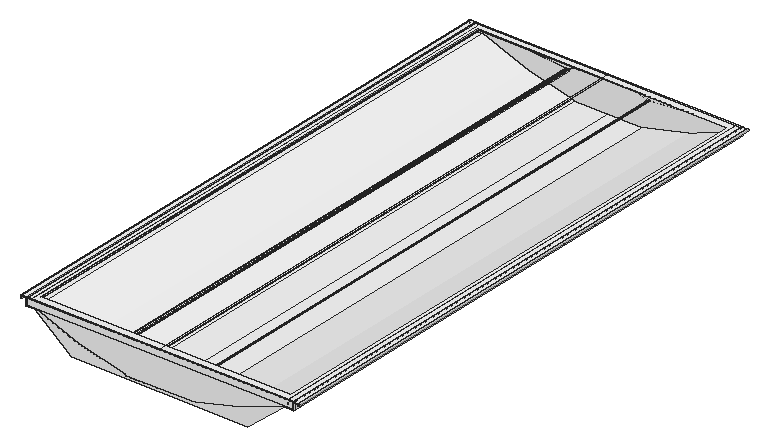
Revit family "Lighting-Troffer-Cooper-Corelite-Class-E3-LED", category Lighting Fixtures, host Face, Revit 2014
Parameters
  Wattage = 9.2903 W
  built-in parameter 1150110 = 1 (stored number, unit not read)
  Voltage = if([120 Volt], 120 V, if([277 Volt], 277 V, 120 V))  # 120 V
  URL = "www.eaton.com/lighting"
  Type Comments = "2 X 2 and 2 X 4"  # constant formula
  built-in parameter 1114217 = 1 (stored number, unit not read)
  Tilt Angle = 90.00°  # constant formula
  built-in parameter 1150109 = 1 (stored number, unit not read)
  built-in parameter 1150134 = 3
  built-in parameter 1150113 = 1 (stored number, unit not read)
  Product Page URL = "http://www.cooperindustries.com/content/public/en/lighting/products/recessed_linear_lighting/direct_indirect/_867727.ssd.html"
  Power Factor = 1
  Photometric Web File = "Select File"
  built-in parameter 1150142 = (empty or 0)
  Model = "Class E3 LED"  # constant formula
  Manufacturer = "Cooper Lighting"  # constant formula
  built-in parameter 1150105 = 109.82 (stored number, unit not read)
  Lumens = 1380 lm
  built-in parameter 1150115 = 1 (stored number, unit not read)
  built-in parameter 1150137 = (empty or 0)
  built-in parameter 1150139 = (empty or 0)
  built-in parameter 1150112 = 1 (stored number, unit not read)
  built-in parameter 1150114 = 1 (stored number, unit not read)
  Lamp = "LED"  # constant formula
  Installation Type = "Recessed"  # constant formula
  built-in parameter 1150132 = (empty or 0)
  built-in parameter 1150102 = (empty or 0)
  built-in parameter 1150107 = 3200 (stored number, unit not read)
  built-in parameter 1150138 = (empty or 0)
  built-in parameter 1150106 = 1.0982 (stored number, unit not read)
  Frequency = 50 Hz
  Fixture Width = 1' - 11 3/4"  # constant formula
  Fixture Length = 3' - 11 3/4"
  Fixture Height = 0' - 3 1/4"  # constant formula
  Emit from Rectangle Width = 1' - 9 3/4"  # constant formula
  Emit from Rectangle Length = Fixture Length - 0' 1"  # 3' - 10 3/4"
  Emit Shape Visible in Rendering = no
  built-in parameter 1150104 = 13.8 (stored number, unit not read)
  Dimming Lamp Color Temperature Shift = <None>
  Description = "Frosted Prismatic Lens"  # constant formula
  Default Elevation = 0' - 0"  # constant formula
  Connector Description = "Power In"  # constant formula
  Color Filter = 16777215
  built-in parameter 1114218 = 1 (stored number, unit not read)
  built-in parameter 1150133 = 10 (stored number, unit not read)
  Assembly Code = "D5020200"
  Apparent Load = 0 VA
  277 Volt = no
  120 Volt = yes
Reference planes (in)
  plane 1 "Center (Front/Back)": y = 0
  plane 2: z = 0
  plane 3 "Center (Left/Right)": x = 0
  plane 4: y = 23.875
  plane 5: y = -23.875
  plane 6: z = -3.25
  plane 7: x = 11.875
  plane 8: x = -11.875
  plane 9: y = 23.8125
  plane 10: y = -23.8125
  plane 11: x = 11.40133
  plane 12: z = -0.65429
  plane 13: through (10.3423, 0, -0.92685) normal (-0.6364, 0, 0.7714)
  plane 14: through (-9.75723, 0, -1.40954) normal (-0.6364, 0, -0.7714)
  plane 15: z = -0.65429
  plane 16: x = -11.40133
  plane 17: z = -3
  plane 18: x = 10.94264
  plane 19: x = 10.88014
  plane 20: x = -10.88014
  plane 21: x = -10.94264
  plane 22: x = 11.31159
  plane 23: x = -11.31159
  plane 24: z = -0.55888
  plane 25: z = -0.04051
  plane 26: x = 10.66162
  plane 27: x = -10.66162
  plane 28: z = -0.59179
  plane 29: x = -11.33883
  plane 30: z = -0.0625
  plane 31: z = -0.0625
  plane 32: x = 11.28034
  plane 33: x = 11.33883
  plane 34: z = -0.59179
  plane 35: through (2.90094, 0, -3) normal (0.7071, 0, -0.7071)
  plane 36: through (-2.90094, 0, -3) normal (0.7071, 0, 0.7071)
  plane 37: through (-7.92442, -180, -2.92165) normal (-0.6364, 0, -0.7714)
  plane 38: through (7.9218, -180, -2.92381) normal (-0.6364, 0, 0.7714)
  plane 39: z = -1
Forms (in)
  Extrusion 1, solid, material "Metal - Cooper Industries - Steel - White"
    sketch origin (0, 0, 96.01505) x (-1, 0, 0) y (0, 0, -1)
      loop
        arc (-11.80285, 96.20249) -> (-11.82784, 96.19235) -> (-11.84993, 96.17687) r 0.11935
        arc (-11.84993, 96.17687) -> (-11.875, 96.10903) -> (-11.84993, 96.04119) r 0.10431
        arc (-11.84993, 96.04119) -> (-11.81455, 96.02177) -> (-11.77476, 96.01505) r 0.12115
        line (-11.77476, 96.01505) -> (-11.33883, 96.01505) -> (-11.33883, 96.60684) -> (-10.65031, 96.60684)
        arc (-10.65031, 96.60684) -> (-6.8756, 98.00559) -> (-2.96311, 98.95289) r 34.33183
        line (-2.96311, 98.95289) -> (-2.90094, 99.01505) -> (0, 99.01505) -> (2.90094, 99.01505) -> (2.96311, 98.95289)
        arc (2.96311, 98.95289) -> (6.8756, 98.00559) -> (10.65031, 96.60684) r 34.33183
        line (10.65031, 96.60684) -> (11.33883, 96.60684) -> (11.33883, 96.01505) -> (11.77476, 96.01505)
        arc (11.77476, 96.01505) -> (11.81455, 96.02177) -> (11.84993, 96.04119) r 0.12115
        arc (11.84993, 96.04119) -> (11.875, 96.10903) -> (11.84993, 96.17687) r 0.10431
        arc (11.84993, 96.17687) -> (11.82784, 96.19235) -> (11.80285, 96.20249) r 0.11935
        arc (11.80285, 96.20249) -> (11.7683, 96.18275) -> (11.78688, 96.14758) r 0.02861
        arc (11.78688, 96.14758) -> (11.8106, 96.12147) -> (11.80592, 96.08651) r 0.04181
        arc (11.80592, 96.08651) -> (11.79097, 96.07984) -> (11.77476, 96.07755) r 0.05865
        line (11.77476, 96.07755) -> (11.40133, 96.07755) -> (11.40133, 96.66934) -> (10.67267, 96.66934) -> (7.52643, 99.26505) -> (-7.52643, 99.26505) -> (-10.67267, 96.66934) -> (-11.40133, 96.66934) -> (-11.40133, 96.07755) -> (-11.77476, 96.07755)
        arc (-11.77476, 96.07755) -> (-11.79097, 96.07984) -> (-11.80592, 96.08651) r 0.05865
        arc (-11.80592, 96.08651) -> (-11.8106, 96.12147) -> (-11.78688, 96.14758) r 0.04181
        arc (-11.78688, 96.14758) -> (-11.7683, 96.18275) -> (-11.80285, 96.20249) r 0.02861
    from -23.875 to 23.875
  Extrusion 2, solid, material "Metal - Cooper Industries - Steel - White"
    sketch origin (0, 0, 96.01505) x (-1, 0, 0) y (0, 0, -1)
      loop
        line (-7.52643, 99.26505) -> (-10.67267, 96.66934) -> (-11.40133, 96.66934) -> (-11.40133, 96.02431) -> (11.40133, 96.02431) -> (11.40133, 96.66934) -> (10.67267, 96.66934) -> (7.52643, 99.26505) -> (0, 99.26505) -> (-7.52643, 99.26505)
    from 23.8125 to 23.875
  Extrusion 3, solid, material "Metal - Cooper Industries - Steel - White"
    sketch origin (0, 0, 96.01505) x (-1, 0, 0) y (0, 0, 1)
      loop
        line (-7.52643, -99.26505) -> (0, -99.26505) -> (7.52643, -99.26505) -> (10.67267, -96.66934) -> (11.40133, -96.66934) -> (11.40133, -96.02431) -> (-11.40133, -96.02431) -> (-11.40133, -96.66934) -> (-10.67267, -96.66934) -> (-7.52643, -99.26505)
    from 23.8125 to 23.875
  Sweep 4, solid, material "Metal - Cooper Industries - Steel - White"
    path origin (0, -0.00091, 96.01505) x (0, 1, 0) y (-1, 0, 0)
      loop
        line (23.79089, -11.22656) -> (23.79089, 11.22656) -> (-23.78906, 11.22656) -> (-23.78906, -11.22656) -> (23.79089, -11.22656)
    profile origin (11.22656, 0, 96.01505) x (1, 0, 0) y (0, 0, 1)
      loop
        line (0.05377, -96.57394) -> (0.08502, -96.57394) -> (0.08502, -96.02431) -> (-0.56494, -96.02431) -> (-0.56494, -96.05556) -> (0.05377, -96.05556) -> (0.05377, -96.57394)
  Extrusion 5, void, detail levels coarse+fine
    sketch origin (0, -23.8125, 96.01505) x (1, 0, 0) y (0, 0, -1)
      loop
        line (11.875, 95.53055) -> (11.875, 99.26505) -> (-11.875, 99.26505) -> (-11.875, 95.53055) -> (11.875, 95.53055)
    from -0.0625 to 47.6875
  Extrusion 6, solid, material "Acrylic - Cooper Industries - Frosted"
    sketch origin (0, -11.01583, 96.01505) x (-1, 0, 0) y (0, 0, -1)
      loop
        arc (10.94264, 96.46275) -> (10.91139, 96.494) -> (10.88014, 96.46275) r 0.03125
        line (10.88014, 96.46275) -> (10.88014, 96.15264)
        arc (10.88014, 96.15264) -> (7.21368, 96.62128) -> (3.52034, 96.76889) r 42.40966
        arc (3.52034, 96.76889) -> (3.50001, 96.87437) -> (3.41333, 96.93783) r 0.14695
        arc (3.41333, 96.93783) -> (3.34679, 96.94142) -> (3.28673, 96.91256) r 0.13415
        arc (3.28673, 96.91256) -> (3.29022, 96.87467) -> (3.32695, 96.86471) r 0.03335
        arc (3.32695, 96.86471) -> (3.35973, 96.88027) -> (3.39594, 96.87776) r 0.07165
        arc (3.39594, 96.87776) -> (3.42775, 96.86237) -> (3.45047, 96.83531) r 0.08445
        arc (3.45047, 96.83531) -> (3.45295, 96.8123) -> (3.43863, 96.79412) r 0.03062
        arc (3.43863, 96.79412) -> (1.74939, 96.30895) -> (0, 96.14005) r 9.59446
        arc (0, 96.14005) -> (-1.74939, 96.30895) -> (-3.43863, 96.79412) r 9.59446
        arc (-3.43863, 96.79412) -> (-3.45295, 96.8123) -> (-3.45047, 96.83531) r 0.03062
        arc (-3.45047, 96.83531) -> (-3.42775, 96.86237) -> (-3.39594, 96.87776) r 0.08445
        arc (-3.39594, 96.87776) -> (-3.35973, 96.88027) -> (-3.32695, 96.86471) r 0.07165
        arc (-3.32695, 96.86471) -> (-3.29022, 96.87467) -> (-3.28673, 96.91256) r 0.03335
        arc (-3.28673, 96.91256) -> (-3.34679, 96.94142) -> (-3.41333, 96.93783) r 0.13415
        arc (-3.41333, 96.93783) -> (-3.50001, 96.87437) -> (-3.52034, 96.76889) r 0.14695
        arc (-3.52034, 96.76889) -> (-7.21368, 96.62128) -> (-10.88014, 96.15264) r 42.40966
        line (-10.88014, 96.15264) -> (-10.88014, 96.46275)
        arc (-10.88014, 96.46275) -> (-10.91139, 96.494) -> (-10.94264, 96.46275) r 0.03125
        line (-10.94264, 96.46275) -> (-10.94264, 96.08922)
        arc (-10.94264, 96.08922) -> (-10.91139, 96.05797) -> (-10.88014, 96.08922) r 0.03125
        arc (-10.88014, 96.08922) -> (-7.23209, 96.55701) -> (-3.55721, 96.7065) r 42.34716
        arc (-3.55721, 96.7065) -> (-1.81112, 96.19353) -> (0, 96.01505) r 9.71946
        arc (0, 96.01505) -> (1.81112, 96.19353) -> (3.55721, 96.7065) r 9.71946
        arc (3.55721, 96.7065) -> (7.23209, 96.55701) -> (10.88014, 96.08922) r 42.34716
        arc (10.88014, 96.08922) -> (10.91139, 96.05797) -> (10.94264, 96.08922) r 0.03125
        line (10.94264, 96.08922) -> (10.94264, 96.46275)
    from -34.82833 to 12.79667
Lines and regions (in)
  Masking region 1
    outline origin (0, 0, 0) x (1, 0, 0) y (0, 1, 0)
      loop
        line (-11.875, 23.875) -> (-11.875, -23.875) -> (11.875, -23.875) -> (11.875, 23.875) -> (-11.875, 23.875)
  symbolic lines, style "LightingFixturesHiddenLines"
    curve 1: line (0, 23.875, 0) -> (0, -23.875, 0)
    curve 2: line (0, 23.875, -3.25) -> (0, 23.875, 0)
    curve 3: line (0, -23.875, -3.25) -> (0, 23.875, -3.25)
    curve 4: line (0, -23.875, 0) -> (0, -23.875, -3.25)
    curve 5: line (-10.67267, 0, -0.65429) -> (-7.52643, 0, -3.25)
    curve 6: line (-7.52643, 0, -3.25) -> (0, 0, -3.25)
    curve 7: line (0, 0, -3.25) -> (7.52643, 0, -3.25)
    curve 8: line (7.52643, 0, -3.25) -> (10.67267, 0, -0.65429)
    curve 9: line (11.40133, 0, -0.65429) -> (11.40133, 0, -0.00926)
    curve 10: line (11.875, 0, -0.00926) -> (-11.875, 0, -0.00926)
    curve 11: line (-11.40133, 0, -0.00926) -> (-11.40133, 0, -0.65429)
    curve 12: line (-11.40133, 0, -0.65429) -> (11.40133, 0, -0.65429)
  reference lines
    curve 13: arc (-2.96311, 0, -2.93783) -> (-6.8756, 0, -1.99054) -> (-10.65031, 0, -0.59179) r 34.33183
    curve 14: arc (10.65031, 0, -0.59179) -> (6.8756, 0, -1.99054) -> (2.96311, 0, -2.93783) r 34.33183
    curve 15: arc (-3.43863, 0, -0.77907) -> (-1.74939, 0, -0.2939) -> (0, 0, -0.125) r 9.59446
    curve 16: arc (0, 0, -0.125) -> (1.74939, 0, -0.2939) -> (3.43863, 0, -0.77907) r 9.59446
    curve 17: arc (3.55721, 0, -0.69145) -> (1.81112, 0, -0.17848) -> (0, 0, 0) r 9.71946
    curve 18: arc (0, 0, 0) -> (-1.81112, 0, -0.17848) -> (-3.55721, 0, -0.69145) r 9.71946
    curve 19: arc (-3.52034, 0, -0.75383) -> (-3.50001, 0, -0.85932) -> (-3.41333, 0, -0.92277) r 0.14695
    curve 20: arc (-3.39594, 0, -0.86271) -> (-3.42775, 0, -0.84732) -> (-3.45047, 0, -0.82026) r 0.08445
    curve 21: arc (-3.28673, 0, -0.89751) -> (-3.29022, 0, -0.85962) -> (-3.32695, 0, -0.84966) r 0.03335
    curve 22: arc (3.32695, 0, -0.84966) -> (3.29022, 0, -0.85962) -> (3.28673, 0, -0.89751) r 0.03335
    curve 23: arc (3.45047, 0, -0.82026) -> (3.42775, 0, -0.84732) -> (3.39594, 0, -0.86271) r 0.08445
    curve 24: arc (3.41333, 0, -0.92277) -> (3.50001, 0, -0.85932) -> (3.52034, 0, -0.75383) r 0.14695
    curve 25: arc (3.52034, 0, -0.75383) -> (7.21368, 0, -0.60623) -> (10.88014, 0, -0.13759) r 42.40966
    curve 26: arc (10.88014, 0, -0.07417) -> (7.23209, 0, -0.54196) -> (3.55721, 0, -0.69145) r 42.34716
    curve 27: arc (-3.55721, 0, -0.69145) -> (-7.23209, 0, -0.54196) -> (-10.88014, 0, -0.07417) r 42.34716
    curve 28: arc (-10.88014, 0, -0.13759) -> (-7.21368, 0, -0.60623) -> (-3.52034, 0, -0.75383) r 42.40966
    curve 29: arc (11.78688, 0, -0.13252) -> (11.7683, 0, -0.1677) -> (11.80285, 0, -0.18744) r 0.02861
    curve 30: arc (11.84993, 0, -0.16181) -> (11.875, 0, -0.09398) -> (11.84993, 0, -0.02614) r 0.10431
    curve 31: arc (11.80592, 0, -0.07146) -> (11.8106, 0, -0.10642) -> (11.78688, 0, -0.13252) r 0.04181
    curve 32: arc (10.88014, 0, -0.4477) -> (10.91139, 0, -0.47895) -> (10.94264, 0, -0.4477) r 0.03125
    curve 33: arc (10.94264, 0, -0.07417) -> (10.91139, 0, -0.04292) -> (10.88014, 0, -0.07417) r 0.03125
    curve 34: arc (-11.80285, 0, -0.18744) -> (-11.7683, 0, -0.1677) -> (-11.78688, 0, -0.13252) r 0.02861
    curve 35: arc (-11.84993, 0, -0.02614) -> (-11.875, 0, -0.09398) -> (-11.84993, 0, -0.16181) r 0.10431
    curve 36: arc (-11.78688, 0, -0.13252) -> (-11.8106, 0, -0.10642) -> (-11.80592, 0, -0.07146) r 0.04181
    curve 37: arc (-10.88014, 0, -0.07417) -> (-10.91139, 0, -0.04292) -> (-10.94264, 0, -0.07417) r 0.03125
    curve 38: arc (-10.94264, 0, -0.4477) -> (-10.91139, 0, -0.47895) -> (-10.88014, 0, -0.4477) r 0.03125
  symbolic lines
    curve 39: line (11.875, 23.875, 0) -> (-11.875, -23.875, 0)
Dimensions and locks (in)
  "Fixture Length": plane 4 to plane 5
  "Fixture Height": plane 6 to plane 2
  "Fixture Width": plane 8 to plane 7
  equal spacing: plane 8, plane 3 "Center (Left/Right)", plane 7
  equal spacing: plane 4, plane 1 "Center (Front/Back)", plane 5
  locked: plane 4 to plane 9 at 0.0625
  locked: plane 10 to plane 5 at 0.0625
  locked: plane 2 to plane 39 at 1
  aligned and locked: plane 2 to host face
  aligned and locked: level to host face
  aligned and locked: Extrusion 5 to Extrusion 1  (x3)
  aligned and locked: plane 4 to Extrusion 1
  aligned and locked: plane 5 to Extrusion 1
  aligned and locked: plane 6 to Extrusion 1
  aligned and locked: Extrusion 1 to Extrusion 2  (x2)
  aligned and locked: Extrusion 1 to Extrusion 3  (x2)
  aligned and locked: plane 9 to Extrusion 3
  aligned and locked: plane 10 to Extrusion 2
  aligned and locked: curve 5 to Extrusion 2
  aligned and locked: curve 6 to Extrusion 2
  aligned and locked: curve 7 to Extrusion 2
  aligned and locked: curve 8 to Extrusion 2
  aligned and locked: curve 9 to Extrusion 2
  aligned and locked: curve 10 to Extrusion 2
  aligned and locked: curve 11 to Extrusion 2
  aligned and locked: curve 12 to Extrusion 2
  aligned and locked: plane 8 to curve 10
  aligned and locked: plane 7 to curve 10
  aligned and locked: plane 9 to Extrusion 6
  aligned and locked: Extrusion 6 to plane 10
  aligned and locked: Extrusion 5 to plane 7
  aligned and locked: plane 8 to Extrusion 5
  aligned and locked: plane 11 to Extrusion 2
  aligned and locked: plane 12 to Extrusion 1
  aligned and locked: Extrusion 3 to plane 13
  aligned and locked: Extrusion 3 to plane 14
  aligned and locked: Extrusion 3 to plane 15
  aligned and locked: plane 16 to Extrusion 2
  aligned and locked: plane 17 to Extrusion 1  (x2)
  aligned and locked: plane 18 to Extrusion 6
  aligned and locked: plane 19 to Extrusion 6
  aligned and locked: plane 20 to Extrusion 6  (x2)
  aligned and locked: Extrusion 6 to plane 21
  aligned and locked: plane 22 to Sweep 4
  aligned and locked: plane 23 to Sweep 4
  aligned and locked: plane 24 to Sweep 4
  aligned and locked: plane 25 to Sweep 4
  aligned and locked: Sweep 4 to plane 25
  aligned and locked: plane 26 to Sweep 4
  aligned and locked: plane 27 to Sweep 4
  aligned and locked: plane 28 to Extrusion 1
  aligned and locked: plane 29 to Extrusion 1
  aligned and locked: plane 30 to Extrusion 1
  aligned and locked: plane 31 to Extrusion 1
  aligned and locked: plane 33 to Extrusion 1
  aligned and locked: plane 34 to Extrusion 1
  aligned and locked: plane 35 to Extrusion 1
  aligned and locked: plane 36 to Extrusion 1
  aligned and locked: curve 13 to Extrusion 1
  aligned and locked: curve 14 to Extrusion 1
  aligned and locked: curve 15 to Extrusion 6
  aligned and locked: curve 16 to Extrusion 6
  aligned and locked: curve 17 to Extrusion 6
  aligned and locked: curve 18 to Extrusion 6
  aligned and locked: curve 19 to Extrusion 6
  aligned and locked: curve 20 to Extrusion 6
  aligned and locked: curve 21 to Extrusion 6
  aligned and locked: curve 22 to Extrusion 6
  aligned and locked: curve 23 to Extrusion 6
  aligned and locked: curve 24 to Extrusion 6
  aligned and locked: curve 25 to Extrusion 6
  aligned and locked: curve 26 to Extrusion 6
  aligned and locked: curve 27 to Extrusion 6
  aligned and locked: curve 28 to Extrusion 6
  aligned and locked: curve 29 to Extrusion 1
  aligned and locked: curve 30 to Extrusion 1
  aligned and locked: curve 31 to Extrusion 1
  aligned and locked: curve 32 to Extrusion 6
  aligned and locked: curve 33 to Extrusion 6
  aligned and locked: curve 34 to Extrusion 1
  aligned and locked: curve 35 to Extrusion 1
  aligned and locked: curve 36 to Extrusion 1
  aligned and locked: curve 37 to Extrusion 6
  aligned and locked: curve 38 to Extrusion 6
  aligned and locked: Extrusion 2 to plane 6
  aligned and locked: Extrusion 1 to plane 14
  aligned and locked: Extrusion 1 sketch curve to plane 37
  aligned and locked: Extrusion 1 sketch curve to plane 38
  aligned and locked: imposter light to plane 39
  aligned and locked: imposter light to plane 3 "Center (Left/Right)"
  aligned and locked: plane 1 "Center (Front/Back)" to imposter light
  aligned and locked: plane 5 to curve 39
  aligned and locked: plane 8 to curve 39
  aligned and locked: plane 7 to curve 39
  aligned and locked: plane 4 to curve 39
  aligned and locked: Masking region 1 sketch curve to Extrusion 1  (x2)
  aligned and locked: Masking region 1 sketch curve to plane 8
  aligned and locked: plane 7 to Masking region 1 sketch curve
Automatic sketch dimensions
  host sketch curve to host sketch curve = 8' - 11.53879"
  host sketch curve to host sketch curve = 8' - 0"
  plane 10 to Sweep 4 sketch curve = 0' - 0.02252"
  Sweep 4 sketch curve to plane 9 = 0' - 0.02252"
  plane 7 to Sweep 4 sketch curve = 0' - 0 83/128"
  Sweep 4 sketch curve to plane 8 = 0' - 0 83/128"
  profile plane to Sweep 4 sketch curve = 0' - 0.56494"
  Sweep 4 sketch curve to profile plane = 0' - 0.05377"
  Sweep 4 sketch curve to Sweep 4 sketch curve = 0' - 0 1/32"  (x2)
  Sweep 4 sketch curve to profile plane = 8' - 0.57394"
  Sweep 4 sketch curve to Sweep 4 sketch curve = 0' - 0.51837"
  Extrusion 6 sketch curve to Extrusion 6 sketch curve = 0' - 0"  (x19)
  Extrusion 6 sketch curve to level = 0' - 0"
  Extrusion 6 sketch curve to plane 3 "Center (Left/Right)" = 0' - 0"  (x2)
  plane 3 "Center (Left/Right)" to Extrusion 6 sketch curve = 0' - 0.04344"
  Extrusion 6 sketch curve to level = 0' - 0.89751"  (x2)
  plane 3 "Center (Left/Right)" to Extrusion 6 sketch curve = 0' - 3.28673"
  Extrusion 6 sketch curve to Extrusion 6 sketch curve = 0' - 0.02902"  (x2)
  Extrusion 6 sketch curve to Extrusion 6 sketch curve = 0' - 0.01119"  (x2)
  Extrusion 6 sketch curve to Extrusion 6 sketch curve = 0' - 0.0461"  (x2)
  Extrusion 6 sketch curve to Extrusion 6 sketch curve = 0' - 0.00282"  (x2)
  Extrusion 6 sketch curve to Extrusion 6 sketch curve = 0' - 0.06899"  (x2)
  Extrusion 6 sketch curve to Extrusion 6 sketch curve = 0' - 0.01739"  (x2)
  Extrusion 6 sketch curve to Extrusion 6 sketch curve = 0' - 0.05047"  (x2)
  Extrusion 6 sketch curve to Extrusion 6 sketch curve = 0' - 0.01511"  (x2)
  Extrusion 6 sketch curve to Extrusion 6 sketch curve = 0' - 0.02695"  (x2)
  Extrusion 6 sketch curve to Extrusion 6 sketch curve = 0' - 0.08171"  (x2)
  Extrusion 6 sketch curve to Extrusion 6 sketch curve = 0' - 0.03687"  (x2)
  plane 3 "Center (Left/Right)" to Extrusion 6 sketch curve = 0' - 3.67507"
  Extrusion 6 sketch curve to level = 0' - 0.07417"  (x2)
  plane 7 to Extrusion 6 sketch curve = 0' - 0.99486"
  Extrusion 6 sketch curve to Extrusion 6 sketch curve = 0' - 0 1/32"  (x2)
  Extrusion 6 sketch curve to plane 3 "Center (Left/Right)" = 0' - 0.04344"
  Extrusion 6 sketch curve to plane 3 "Center (Left/Right)" = 0' - 3.28673"
  Extrusion 6 sketch curve to plane 3 "Center (Left/Right)" = 0' - 3.67507"
  Extrusion 6 sketch curve to level = 0' - 0.4477"
  Extrusion 6 sketch curve to plane 8 = 0' - 0.99486"
  level to Extrusion 6 sketch curve = 3' - 5.65554"
  Extrusion 6 sketch curve to Extrusion 6 sketch curve = 0' - 0 1/8"
  Extrusion 6 sketch curve to Extrusion 6 sketch curve = 0' - 0.06342"  (x2)
  Extrusion 6 sketch curve to Extrusion 6 sketch curve = 0' - 0.31011"
  Extrusion 6 sketch curve to Extrusion 6 sketch curve = 0' - 0.00161"  (x2)
  Extrusion 6 sketch curve to Extrusion 6 sketch curve = 0' - 0.02664"  (x2)
  curve 1 to level = 0' - 0"
  curve 1 to plane 5 = 0' - 0"
  curve 3 to plane 4 = 0' - 0"
  curve 3 to plane 6 = 0' - 0"
  curve 7 to plane 3 "Center (Left/Right)" = 0' - 0"
  Extrusion 1 sketch curve to Extrusion 1 sketch curve = 0' - 0"  (x10)
  Extrusion 1 sketch curve to level = 0' - 0"  (x2)
  Extrusion 1 sketch curve to plane 30 = 0' - 0"  (x2)
  Extrusion 1 sketch curve to plane 11 = 0' - 0"
  Extrusion 1 sketch curve to plane 33 = 0' - 0"
  Extrusion 1 sketch curve to plane 12 = 0' - 0"  (x2)
  Extrusion 1 sketch curve to plane 28 = 0' - 0"  (x2)
  Extrusion 1 sketch curve to plane 6 = 0' - 0"
  Extrusion 1 sketch curve to plane 35 = 0' - 0"  (x2)
  Extrusion 1 sketch curve to plane 17 = 0' - 0"
  Extrusion 1 sketch curve to plane 3 "Center (Left/Right)" = 0' - 0"
  Extrusion 1 sketch curve to plane 36 = 0' - 0"  (x2)
  Extrusion 1 sketch curve to plane 29 = 0' - 0"
  plane 16 to Extrusion 1 sketch curve = 0' - 0"
  plane 7 to Extrusion 1 sketch curve = 0' - 0.10431"
  Extrusion 1 sketch curve to Extrusion 1 sketch curve = 0' - 0.00011"  (x2)
  Extrusion 1 sketch curve to Extrusion 1 sketch curve = 0' - 0.00396"
  Extrusion 1 sketch curve to Extrusion 1 sketch curve = 0' - 0.02101"  (x2)
  plane 26 to Extrusion 1 sketch curve = 0' - 0.0113"
  plane 3 "Center (Left/Right)" to Extrusion 1 sketch curve = 0' - 3.14577"
  plane 6 to Extrusion 1 sketch curve = 0' - 0.31217"
  plane 17 to Extrusion 1 sketch curve = 0' - 0.06217"
  Extrusion 1 sketch curve to plane 3 "Center (Left/Right)" = 0' - 3.14577"
  Extrusion 1 sketch curve to Extrusion 1 sketch curve = 0' - 0.02235"
  Extrusion 1 sketch curve to plane 8 = 0' - 0.10431"
  Extrusion 1 sketch curve to Extrusion 1 sketch curve = 0' - 0.00407"
  Extrusion 1 sketch curve to plane 30 = 0' - 0.00997"  (x2)
  Extrusion 1 sketch curve to Extrusion 1 sketch curve = 0' - 0.0215"  (x2)
  Extrusion 1 sketch curve to Extrusion 1 sketch curve = 0' - 0.02718"  (x2)
  Extrusion 1 sketch curve to Extrusion 1 sketch curve = 0' - 0.03856"  (x2)
  Extrusion 1 sketch curve to Extrusion 1 sketch curve = 0' - 0.01212"  (x2)
  Extrusion 1 sketch curve to Extrusion 1 sketch curve = 0' - 0.00707"  (x2)
  Extrusion 1 sketch curve to plane 30 = 0' - 0.00896"  (x2)
  Extrusion 1 sketch curve to level = 0' - 0.02614"
  Extrusion 1 sketch curve to plane 8 = 0' - 0.02507"
  Extrusion 2 sketch curve to plane 11 = 0' - 0"
  Extrusion 2 sketch curve to plane 12 = 0' - 0"  (x2)
  Extrusion 2 sketch curve to plane 13 = 0' - 0"
  Extrusion 2 sketch curve to plane 6 = 0' - 0"
  plane 13 to Extrusion 2 sketch curve = 0' - 0"
  Extrusion 2 sketch curve to plane 3 "Center (Left/Right)" = 0' - 0"
  plane 14 to Extrusion 2 sketch curve = 0' - 0"
  Extrusion 2 sketch curve to plane 14 = 0' - 0"
  Extrusion 2 sketch curve to plane 16 = 0' - 0"
  Extrusion 2 sketch curve to level = 0' - 0.00926"
  Extrusion 3 sketch curve to plane 11 = 0' - 0"
  Extrusion 3 sketch curve to plane 12 = 0' - 0"  (x2)
  plane 13 to Extrusion 3 sketch curve = 0' - 0"
  Extrusion 3 sketch curve to plane 6 = 0' - 0"
  Extrusion 3 sketch curve to plane 13 = 0' - 0"
  Extrusion 3 sketch curve to plane 3 "Center (Left/Right)" = 0' - 0"
  Extrusion 3 sketch curve to plane 14 = 0' - 0"
  plane 14 to Extrusion 3 sketch curve = 0' - 0"
  plane 16 to Extrusion 3 sketch curve = 0' - 0"
  Extrusion 3 sketch curve to level = 0' - 0.00926"
  plane 8 to Extrusion 5 sketch curve = 0' - 0"
  Extrusion 5 sketch curve to plane 6 = 0' - 0"
  plane 7 to Extrusion 5 sketch curve = 0' - 0"
  level to Extrusion 5 sketch curve = 0' - 0.4845"
  curve 15 to curve 18 = 0' - 0"  (x2)
  curve 16 to curve 17 = 0' - 0"  (x2)
  curve 19 to curve 20 = 0' - 0"  (x2)
  curve 23 to curve 24 = 0' - 0"  (x2)
  curve 25 to curve 26 = 0' - 0"  (x2)
  curve 27 to curve 28 = 0' - 0"  (x2)
  curve 30 to curve 31 = 0' - 0"  (x2)
  curve 35 to curve 36 = 0' - 0"  (x2)
  plane 21 to curve 38 = 0' - 0"
  curve 37 to plane 21 = 0' - 0"
  plane 20 to curve 38 = 0' - 0"
  curve 28 to plane 20 = 0' - 0"
  curve 37 to plane 20 = 0' - 0"
  curve 13 to plane 28 = 0' - 0"
  curve 13 to plane 36 = 0' - 0"
  curve 18 to level = 0' - 0"
  curve 18 to plane 3 "Center (Left/Right)" = 0' - 0"
  curve 15 to plane 3 "Center (Left/Right)" = 0' - 0"
  curve 14 to plane 35 = 0' - 0"
  curve 14 to plane 28 = 0' - 0"
  curve 33 to plane 19 = 0' - 0"
  plane 19 to curve 32 = 0' - 0"
  curve 25 to plane 19 = 0' - 0"
  plane 18 to curve 32 = 0' - 0"
  curve 33 to plane 18 = 0' - 0"
  curve 35 to plane 30 = 0' - 0.03148"
  curve 35 to plane 8 = 0' - 0.10431"
  curve 34 to curve 35 = 0' - 0.02508"
  curve 27 to plane 3 "Center (Left/Right)" = 0' - 3.67507"
  plane 12 to curve 20 = 0' - 0.12639"
  curve 20 to plane 3 "Center (Left/Right)" = 0' - 3.37587"
  curve 19 to curve 21 = 0' - 0.06012"
  curve 14 to plane 3 "Center (Left/Right)" = 0' - 3.14577"
  curve 17 to plane 3 "Center (Left/Right)" = 0' - 0.04344"
  plane 3 "Center (Left/Right)" to curve 18 = 0' - 0.04344"
  plane 3 "Center (Left/Right)" to curve 13 = 0' - 3.14577"
  plane 39 to curve 22 = 0' - 0.11892"
  plane 3 "Center (Left/Right)" to curve 22 = 0' - 3.31575"
  curve 22 to curve 23 = 0' - 0.06012"
  plane 3 "Center (Left/Right)" to curve 25 = 0' - 3.67507"
  curve 30 to plane 30 = 0' - 0.03148"
  plane 7 to curve 30 = 0' - 0.10431"
  curve 30 to curve 29 = 0' - 0.02508"
  curve 17 to plane 6 = 0' - 6.46936"
  curve 18 to curve 16 = 0' - 0"
  curve 21 to curve 19 = 0' - 0.1004"
  curve 22 to curve 23 = 0' - 0.1004"
  curve 32 to plane 24 = 0' - 0.11118"
  curve 38 to plane 24 = 0' - 0.11118"
  curve 34 to curve 35 = 0' - 0.06574"
  curve 29 to curve 30 = 0' - 0.06574"
  curve 37 to level = 0' - 0.07417"
  curve 33 to level = 0' - 0.07417"
  level to curve 14 = 2' - 6.84613"
  curve 13 to curve 14 = 0' - 0"
  curve 14 to curve 27 = 0' - 10.80941"
  curve 25 to curve 27 = 0' - 0"
  curve 34 to curve 36 = 0' - 0.00889"
  curve 34 to curve 34 = 0' - 0.00707"
  curve 36 to plane 30 = 0' - 0.00896"
  curve 36 to curve 35 = 0' - 0.03523"
  curve 35 to plane 8 = 0' - 0.02507"  (x2)
  curve 13 to plane 27 = 0' - 0.0113"
  curve 27 to curve 28 = 0' - 0.03687"
  curve 20 to curve 19 = 0' - 0.0746"
  curve 20 to curve 15 = 0' - 0.01184"
  curve 19 to curve 21 = 0' - 0.09758"
  curve 19 to curve 20 = 0' - 0.01739"
  curve 21 to curve 21 = 0' - 0.01119"
  curve 21 to curve 21 = 0' - 0.02902"
  plane 17 to curve 14 = 0' - 0.06217"
  curve 22 to curve 22 = 0' - 0.02902"
  curve 22 to curve 22 = 0' - 0.01119"
  curve 22 to curve 23 = 0' - 0.06899"
  curve 23 to curve 24 = 0' - 0.01739"
  curve 23 to curve 16 = 0' - 0.06276"
  curve 16 to curve 23 = 0' - 0.01184"
  curve 24 to curve 17 = 0' - 0.03687"
  curve 29 to curve 29 = 0' - 0.00889"
  curve 29 to curve 29 = 0' - 0.00707"
  curve 31 to plane 30 = 0' - 0.00896"
  curve 30 to curve 31 = 0' - 0.03523"
  plane 7 to curve 30 = 0' - 0.02507"  (x2)
  curve 22 to curve 22 = 0' - 0.01643"
  curve 21 to curve 21 = 0' - 0.01643"
  curve 19 to curve 21 = 0' - 0.0417"
  curve 24 to curve 22 = 0' - 0.0417"
  curve 19 to curve 20 = 0' - 0.06007"
  curve 24 to curve 23 = 0' - 0.06007"
  curve 23 to curve 16 = 0' - 0.04119"
  curve 29 to curve 30 = 0' - 0.02562"
  curve 34 to curve 35 = 0' - 0.02562"
Connectors (in)
  electrical at (0, 0, -3.25), driven by "Voltage", driven by "Connector Description", driven by "Apparent Load", driven by "Power Factor"
    settings: on Extrusion 1, index 1, voltage 120 V, apparent load 0 VA, apparent load phase1 0 VA, apparent load phase2 0 VA, apparent load phase3 0 VA, power factor 1, load classification "Lighting", number of poles 1, system type 30, power factor state 1, is connector primary yes, connector utility no, sub classification motor no, connector description "Power In"
